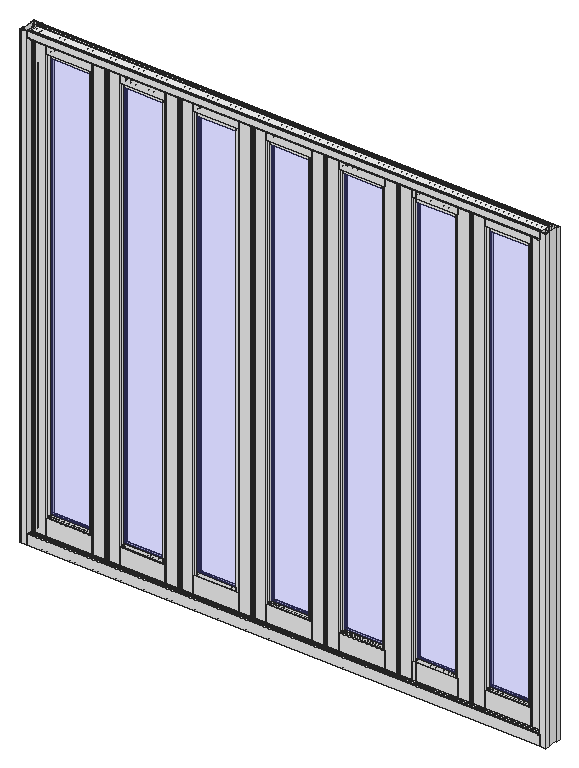
Revit family "Vistafold_Sliding_Folding_7_Custom", category Doors, host Wall, Revit 2014
Parameters (values of type "Vistafold_7_Custom")
  Windload Design = if(Custom Windload < 1001 mm, 1000 mm, if(Custom Windload < 1501 mm, 1500 mm, 1500 mm))  # 1000 mm
  Width Sash [instance] = 328.286 mm
  Width = if(Custom Door Width < Limit Door Width Min, Limit Door Width Min, if(Custom Door Width > Limit Door Width Max, Limit Door Width Max, Custom Door Width))  # 2390 mm
  Wall Thickness [instance] = 200 mm
  URL = "http://www.crealco.co.za/crealco-products.php"
  Model = "Vistafold"  # constant formula
  Manufacturer = "Crealco"  # constant formula
  Description = "Sliding folding door, 7 panel custom"  # constant formula
  Custom U Value [instance] = 0
  Custom SHGC Value [instance] = 0
  Thickness = 758 mm
  Thermal Resistance (R) [instance] = if(and(Custom U Value > 0.5678, 1 / Custom U Value < 36.9087), Custom U Value, if(not(Custom U Value > 0.5678), 1 / 0.5679, 1 / 36.9086)) * 1.0000 (m²·K)/W  # 1.76087 (m²·K)/W
  Solar Heat Gain Coefficient [instance] = if(and(not(Custom SHGC Value < 0), not(Custom SHGC Value > 1)), Custom SHGC Value, if(Custom U Value < 0, 0, 1))  # 0
  Single Glazing [instance] = not(Double Glazing)  # yes
  Sash Width = (Width - (2 * Sash Side Gap) - ((Number Of Sash Inserts - 1) * Sash Spacing Gap)) / Number Of Sash Inserts  # 328.286 mm
  Sash Spacing Gap = 4 mm  # constant formula
  Sash Height = Height - Sash Top Gap - Sash Bottom Gap  # 2023 mm
  Sash Top Gap = 34 mm  # constant formula
  Sash Side Gap = 34 mm  # constant formula
  Sash Frame Seal = 3.4 mm  # constant formula
  Sash Bottom Gap = 33 mm  # constant formula
  Rough Width = 2.5 mm
  Overall Width [instance] = 2390 mm
  Overall Height [instance] = 2090 mm
  Number Of Sash Inserts = 7  # constant formula
  Max System DG Unit Thickness = 25 mm  # constant formula
  Max System DG One Piece Thickness = rounddown((Max System DG Unit Thickness - DG Air Gap Thickness) / 2 mm) * 1 mm  # 6 mm
  Max Pane Area = (Sash Width - (2 * 38.7 mm)) * (Sash Height - (2 * 38.7 mm))  # 0.488123 m²
  Limit Door Width Min = (Limit Sash Width Min * Number Of Sash Inserts) + (2 * Sash Side Gap) + ((Number Of Sash Inserts - 1) * Sash Spacing Gap)  # 2192 mm
  Limit Door Width Max = (Limit Sash Width Max * Number Of Sash Inserts) + (2 * Sash Side Gap) + ((Number Of Sash Inserts - 1) * Sash Spacing Gap)  # 6392 mm
  Limit Door Height Min = Limit Sash Height Min + Sash Bottom Gap + Sash Top Gap  # 367 mm
  Limit Door Height Max = Limit Sash Height Max + Sash Bottom Gap + Sash Top Gap  # 2467 mm
  Limit Sash Width Min = 300 mm  # constant formula
  Limit Sash Width Max = if(Windload Design = 1000 mm, if(not(Height - Sash Top Gap - Sash Bottom Gap > 2100 mm), 900 mm, 600 mm), 600 mm)  # 900 mm
  Limit Sash Height Min = 300 mm  # constant formula
  Limit Sash Height Max = if(Windload Design = 1000 mm, 2400 mm, 2100 mm)  # 2400 mm
  IGDB or SAGDB Number = 0
  Height Sash [instance] = 2023 mm
  Height = if(Custom Door Height < Limit Door Height Min, Limit Door Height Min, if(Custom Door Height > Limit Door Height Max, Limit Door Height Max, Custom Door Height))  # 2090 mm
  Heat Transfer Coefficient (U) [instance] = if(and(Custom U Value > 0.5678, Custom U Value < 36.9087), Custom U Value, if(not(Custom U Value > 0.5678), 0.5679, 36.9086)) * 1.0000 W/(m²·K)  # 0.5679 W/(m²·K)
  Glazing Thickness DG [instance] = if(IGDB or SAGDB Number = 105003, 6 mm, if(IGDB or SAGDB Number = 105004, 7 mm, if(DG Thickness Calc > Max System DG One Piece Thickness, Max System DG One Piece Thickness, DG Thickness Calc)))  # 6 mm
  Glazing Thickness SG [instance] = if(IGDB or SAGDB Number = 1000016, 5 mm, if(IGDB or SAGDB Number = 100100, 6 mm, if(IGDB or SAGDB Number = 103200, 7 mm, if(not(Max Pane Area > 0.75 m²), 4 mm, if(not(Max Pane Area > 1.50 m²), 4 mm, if(not(Max Pane Area > 2.10 m²), 5 mm, if(not(Max Pane Area > 2.90 m²), 6.4 mm, if(not(Max Pane Area > 4.30 m²), 8 mm, 10 mm))))))))  # 4 mm
  Glazing Material [instance] = if(IGDB or SAGDB Number = 1000016, "PFG TOUGHENED SAFETY GLASS 5mm", if(IGDB or SAGDB Number = 100100, "PFG INTRUDERPRUFE 6.38mm", if(IGDB or SAGDB Number = 103200, "PFG INTRUDERPRUFE LOW-E 7.38mm", if(IGDB or SAGDB Number = 105003, "PFG 25mm INTRUDERPRUFE INSULATED GLASS", if(IGDB or SAGDB Number = 105004, "PFG 25mm INTRUDERPRUFE INSULATED GLASS LOW-E", "Unknown")))))  # "Unknown"
  Glazing Finish [instance] = Glass
  Glazing Code [instance] = if(IGDB or SAGDB Number = 1000016, "TSG5", if(IGDB or SAGDB Number = 100100, "LAM01", if(IGDB or SAGDB Number = 103200, "LAM01E", if(IGDB or SAGDB Number = 105003, "IGU25", if(IGDB or SAGDB Number = 105004, "IGU25E", "Unknown")))))  # "Unknown"
  Frame Thickness = 75 mm  # constant formula
  Frame Offset From Exterior [instance] = if(Centered In Wall, (Wall Thickness - Frame Thickness) / 2, Custom Frame Offset From Exterior)  # 62.5 mm
  Double Glazing Gasket Material = Double Glazing Gasket Material
  Double Glazing [instance] = no
  Default Sill Height = 0 mm  # constant formula
  Wall Closure = By host
  DG Thickness Calc = if(not(Max Pane Area > 1.125 m²), 6 mm, if(not(Max Pane Area > 2.25 m²), 6 mm, if(not(Max Pane Area > 3.15 m²), 6 mm, if(not(Max Pane Area > 4.35 m²), 6 mm, if(not(Max Pane Area > 6.45 m²), 8 mm, 10 mm)))))  # 6 mm
  DG Air Gap Thickness = 12 mm  # constant formula
  Custom Door Width = 2390 mm
  Custom Door Height = 2090 mm
  Custom Windload = 1000 mm
  Custom Frame Offset From Exterior = 0 mm
  Centered In Wall = yes
  Aluminium Finish [instance] = White Powder Coated Aluminium ANP 1052
  All Available Glazing Numbers = "The rows below list the available glazing materials for this window:"  # constant formula
  105004 [instance] = "IGU25E"  # constant formula
  105003 [instance] = "IGU25"  # constant formula
  103200 [instance] = "LAM01E"  # constant formula
  100100 [instance] = "LAM01"  # constant formula
  1000016 [instance] = "TSG5"  # constant formula
Reference planes
  plane 1 "Center (Front/Back)": y = 0
  plane 2 "Center (Left/Right)": x = 0
  plane 3 "Left": x = -1195
  plane 4 "Right": x = 1195
  plane 5 "Sill": z = 0
  plane 6 "Head": z = 2090
  plane 7 "Exterior": y = 100
  plane 8 "Interior": y = -100
Lines and regions (mm)
  Opening 1
    outline origin (3500, -100, 0) x (1, 0, 0) y (0, 0, 1)
      loop
        line (-2305, 0) -> (-2305, 2090) -> (-4695, 2090) -> (-4695, 0) -> (-2305, 0)
Text (mm)
  text "EXTERIOR" at (-1963.203, 1332.353, 0), in view "Ref. Level"
  text "INTERIOR" at (-1981.466, -818.386, 0), in view "Ref. Level"
  text "Exterior" at (0, 923.751, 2943.296), in view "Right"
  text "Exterior" at (0, 1040.484, 2685.409), in view "Left"
Dimensions and locks
  equal spacing: plane 3 "Left", plane 2 "Center (Left/Right)", plane 4 "Right"
  "Width": plane 3 "Left" to plane 4 "Right"
  "Height": plane 5 "Sill" to plane 6 "Head"
  "Default Sill Height": plane 5 "Sill" to level
  locked: plane 7 "Exterior" to host wall at 0
  locked: plane 8 "Interior" to host wall
  "Overall Height": plane 6 "Head" to plane 5 "Sill"
  "Overall Width": plane 3 "Left" to plane 4 "Right"
  "Frame Offset From Exterior": nested 1 to plane 7 "Exterior"
  "Sash Side Gap": plane 3 "Left" to nested 2
  "Sash Top Gap": nested 2 to plane 6 "Head"
  "Sash Top Gap": nested 3 to plane 6 "Head"
  "Sash Top Gap": nested 4 to plane 6 "Head"
  "Sash Spacing Gap": nested 2 to nested 3
  "Sash Spacing Gap": nested 3 to nested 4
  "Height Sash": nested 4 to nested 4
  "Width Sash": nested 4 to nested 4
  "Sash Top Gap": nested 8 to plane 6 "Head"
  "Sash Spacing Gap": nested 4 to nested 8
  "Sash Top Gap": nested 10 to plane 6 "Head"
  "Sash Spacing Gap": nested 8 to nested 10
  "Sash Top Gap": nested 12 to plane 6 "Head"
  "Sash Spacing Gap": nested 10 to nested 12
  "Sash Top Gap": nested 14 to plane 6 "Head"
  "Sash Spacing Gap": nested 12 to nested 14
  aligned and locked: nested 1 to plane 6 "Head"
  aligned and locked: nested 1 to plane 4 "Right"
  aligned and locked: nested 2 to nested 1
  aligned and locked: nested 3 to nested 1
  aligned and locked: nested 4 to nested 1
  aligned and locked: nested 1 to nested 8
  aligned and locked: nested 10 to nested 1
  aligned and locked: nested 12 to nested 1
  aligned and locked: nested 14 to nested 1
Automatic sketch dimensions
  plane 3 "Left" to Opening 1 sketch curve = 0 mm
  plane 4 "Right" to Opening 1 sketch curve = 0 mm
  Opening 1 sketch curve to plane 5 "Sill" = 0 mm
  Opening 1 sketch curve to plane 6 "Head" = 0 mm
Nested families
  nested 1: "Vistafold_Frame_7_Cust" at (1240, -59.088, -88.811) x (-1, 0, 0) z (0, 0, 1), Width <- "Width", Height <- "Height", Profile Material <- "Aluminium Finish", type "Vistafold_Frame_7_Cust"
    with Width 2390 mm, Profile Material White Powder Coated Aluminium ANP 1052, Length Jamb 2090 mm, Length Head & Sill 2330 mm, Height 2090 mm
  nested 2: "Vistafold_Sash_Insert_7_Cust" at (-832.714, -6.496, 33) x (-1, 0, 0) z (0, 0, 1), Profile Material <- "Aluminium Finish", Glazing Material <- "Glazing Finish", Double Glazing Gasket Material <- "Double Glazing Gasket Material", Sash Width <- "Sash Width", Sash Height <- "Sash Height", Glazing Thickness DG <- "Glazing Thickness DG", Glazing Thickness SG <- "Glazing Thickness SG", DG Gasket Thickness <- "DG Air Gap Thickness", Double Glazing <- "Double Glazing", type "Vistafold_Sash_Insert_7_Cust"
    with Single Glazing yes, Sash Width 328.286 mm, Sash Height 2023 mm, SG Exterior Offset 12.35 mm, Right Sliding Folding no, Right Hinged no, Profile Material White Powder Coated Aluminium ANP 1052, Length Jamb 2023 mm, Length Head and Sill 208.286 mm, Left Sliding Folding yes, Left Hinged no, Jamb Woodpile Right no, Jamb Woodpile Left no, Jamb Stile Right no, Jamb Stile Left yes, Jamb Astragal Right yes, Jamb Astragal Left no, Is Sliding yes, Glazing Width 198.286 mm, Glazing Thickness SG 4 mm, Glazing Thickness DG 6 mm, Glazing Material Glass, Glazing Height 1878 mm, Double Glazing Gasket Material Double Glazing Gasket Material, Double Glazing no, DG Gasket Thickness 12 mm, DG Exterior Offset 10.3 mm, Bead Width 208.286 mm, Bead Height 1888 mm
  nested 3: "Vistafold_Sash_Insert_7_Cust" at (-500.429, -6.496, 33) x (-1, 0, 0) z (0, 0, 1), Profile Material <- "Aluminium Finish", Glazing Material <- "Glazing Finish", Double Glazing Gasket Material <- "Double Glazing Gasket Material", Sash Width <- "Sash Width", Sash Height <- "Sash Height", Glazing Thickness DG <- "Glazing Thickness DG", Glazing Thickness SG <- "Glazing Thickness SG", DG Gasket Thickness <- "DG Air Gap Thickness", Double Glazing <- "Double Glazing", type "Vistafold_Sash_Insert_7_Cust"
    with Single Glazing yes, Sash Width 328.286 mm, Sash Height 2023 mm, SG Exterior Offset 12.35 mm, Right Sliding Folding no, Right Hinged no, Profile Material White Powder Coated Aluminium ANP 1052, Length Jamb 2023 mm, Length Head and Sill 208.286 mm, Left Sliding Folding yes, Left Hinged no, Jamb Woodpile Right yes, Jamb Woodpile Left no, Jamb Stile Right no, Jamb Stile Left yes, Jamb Astragal Right no, Jamb Astragal Left no, Is Sliding yes, Glazing Width 198.286 mm, Glazing Thickness SG 4 mm, Glazing Thickness DG 6 mm, Glazing Material Glass, Glazing Height 1878 mm, Double Glazing Gasket Material Double Glazing Gasket Material, Double Glazing no, DG Gasket Thickness 12 mm, DG Exterior Offset 10.3 mm, Bead Width 208.286 mm, Bead Height 1888 mm
  nested 4: "Vistafold_Sash_Insert_7_Cust" at (-168.143, -6.496, 33) x (-1, 0, 0) z (0, 0, 1), Profile Material <- "Aluminium Finish", Glazing Material <- "Glazing Finish", Double Glazing Gasket Material <- "Double Glazing Gasket Material", Sash Width <- "Sash Width", Sash Height <- "Sash Height", Glazing Thickness DG <- "Glazing Thickness DG", Glazing Thickness SG <- "Glazing Thickness SG", DG Gasket Thickness <- "DG Air Gap Thickness", Double Glazing <- "Double Glazing", type "Vistafold_Sash_Insert_7_Cust"
    with Single Glazing yes, Sash Width 328.286 mm, Sash Height 2023 mm, SG Exterior Offset 12.35 mm, Right Sliding Folding no, Right Hinged no, Profile Material White Powder Coated Aluminium ANP 1052, Length Jamb 2023 mm, Length Head and Sill 208.286 mm, Left Sliding Folding yes, Left Hinged no, Jamb Woodpile Right yes, Jamb Woodpile Left no, Jamb Stile Right no, Jamb Stile Left yes, Jamb Astragal Right no, Jamb Astragal Left no, Is Sliding yes, Glazing Width 198.286 mm, Glazing Thickness SG 4 mm, Glazing Thickness DG 6 mm, Glazing Material Glass, Glazing Height 1878 mm, Double Glazing Gasket Material Double Glazing Gasket Material, Double Glazing no, DG Gasket Thickness 12 mm, DG Exterior Offset 10.3 mm, Bead Width 208.286 mm, Bead Height 1888 mm
  nested 5: "Vistafold_Single_Glazing_Sliding_Folding_7_Cust" at (-1096, 5.854, 123) x (-1, 0, 0) z (0, 0, 1), type "Vistafold_Single_Glazing_Sliding_Folding_7_Cust"
    with Right Sliding Folding no, Right Hinged no, Length Arrow Tip 9.867 mm, Length Arrow Down 16.281 mm, Length Arrow 32.562 mm, Left Sliding Folding yes, Left Hinged no, Is Sliding Folding yes, Half Height 939 mm, Glazing Width 198.286 mm, Glazing Thickness SG 4 mm, Glazing Material Glass, Glazing Height 1878 mm, Double Glazing Gasket Material Double Glazing Gasket Material, Arrow Tip Length 9.867 mm, Arrow Left Gap 82.862 mm, Arrow Bottom Gap 947.14 mm
  nested 6: "Vistafold_Single_Glazing_Sliding_Folding_7_Cust" at (-763.714, 5.854, 123) x (-1, 0, 0) z (0, 0, 1), type "Vistafold_Single_Glazing_Sliding_Folding_7_Cust"
    with Right Sliding Folding no, Right Hinged no, Length Arrow Tip 9.867 mm, Length Arrow Down 16.281 mm, Length Arrow 32.562 mm, Left Sliding Folding yes, Left Hinged no, Is Sliding Folding yes, Half Height 939 mm, Glazing Width 198.286 mm, Glazing Thickness SG 4 mm, Glazing Material Glass, Glazing Height 1878 mm, Double Glazing Gasket Material Double Glazing Gasket Material, Arrow Tip Length 9.867 mm, Arrow Left Gap 82.862 mm, Arrow Bottom Gap 947.14 mm
  nested 7: "Vistafold_Single_Glazing_Sliding_Folding_7_Cust" at (-431.429, 5.854, 123) x (-1, 0, 0) z (0, 0, 1), type "Vistafold_Single_Glazing_Sliding_Folding_7_Cust"
    with Right Sliding Folding no, Right Hinged no, Length Arrow Tip 9.867 mm, Length Arrow Down 16.281 mm, Length Arrow 32.562 mm, Left Sliding Folding yes, Left Hinged no, Is Sliding Folding yes, Half Height 939 mm, Glazing Width 198.286 mm, Glazing Thickness SG 4 mm, Glazing Material Glass, Glazing Height 1878 mm, Double Glazing Gasket Material Double Glazing Gasket Material, Arrow Tip Length 9.867 mm, Arrow Left Gap 82.862 mm, Arrow Bottom Gap 947.14 mm
  nested 8: "Vistafold_Sash_Insert_7_Cust" at (164.143, -6.5, 33) x (-1, 0, 0) z (0, 0, 1), Profile Material <- "Aluminium Finish", Glazing Material <- "Glazing Finish", Double Glazing Gasket Material <- "Double Glazing Gasket Material", Sash Width <- "Sash Width", Sash Height <- "Sash Height", Glazing Thickness DG <- "Glazing Thickness DG", Glazing Thickness SG <- "Glazing Thickness SG", DG Gasket Thickness <- "DG Air Gap Thickness", Double Glazing <- "Double Glazing", type "Vistafold_Sash_Insert_7_Cust"
    with Single Glazing yes, Sash Width 328.286 mm, Sash Height 2023 mm, SG Exterior Offset 12.35 mm, Right Sliding Folding no, Right Hinged no, Profile Material White Powder Coated Aluminium ANP 1052, Length Jamb 2023 mm, Length Head and Sill 208.286 mm, Left Sliding Folding yes, Left Hinged no, Jamb Woodpile Right yes, Jamb Woodpile Left no, Jamb Stile Right no, Jamb Stile Left yes, Jamb Astragal Right no, Jamb Astragal Left no, Is Sliding yes, Glazing Width 198.286 mm, Glazing Thickness SG 4 mm, Glazing Thickness DG 6 mm, Glazing Material Glass, Glazing Height 1878 mm, Double Glazing Gasket Material Double Glazing Gasket Material, Double Glazing no, DG Gasket Thickness 12 mm, DG Exterior Offset 10.3 mm, Bead Width 208.286 mm, Bead Height 1888 mm
  nested 9: "Vistafold_Single_Glazing_Sliding_Folding_7_Cust" at (-99.143, 5.85, 123) x (-1, 0, 0) z (0, 0, 1), type "Vistafold_Single_Glazing_Sliding_Folding_7_Cust"
    with Right Sliding Folding no, Right Hinged no, Length Arrow Tip 9.867 mm, Length Arrow Down 16.281 mm, Length Arrow 32.562 mm, Left Sliding Folding yes, Left Hinged no, Is Sliding Folding yes, Half Height 939 mm, Glazing Width 198.286 mm, Glazing Thickness SG 4 mm, Glazing Material Glass, Glazing Height 1878 mm, Double Glazing Gasket Material Double Glazing Gasket Material, Arrow Tip Length 9.867 mm, Arrow Left Gap 82.862 mm, Arrow Bottom Gap 947.14 mm
  nested 10: "Vistafold_Sash_Insert_7_Cust" at (496.429, -6.496, 33) x (-1, 0, 0) z (0, 0, 1), Profile Material <- "Aluminium Finish", Glazing Material <- "Glazing Finish", Double Glazing Gasket Material <- "Double Glazing Gasket Material", Sash Width <- "Sash Width", Sash Height <- "Sash Height", Glazing Thickness DG <- "Glazing Thickness DG", Glazing Thickness SG <- "Glazing Thickness SG", DG Gasket Thickness <- "DG Air Gap Thickness", Double Glazing <- "Double Glazing", type "Vistafold_Sash_Insert_7_Cust"
    with Single Glazing yes, Sash Width 328.286 mm, Sash Height 2023 mm, SG Exterior Offset 12.35 mm, Right Sliding Folding no, Right Hinged no, Profile Material White Powder Coated Aluminium ANP 1052, Length Jamb 2023 mm, Length Head and Sill 208.286 mm, Left Sliding Folding yes, Left Hinged no, Jamb Woodpile Right yes, Jamb Woodpile Left no, Jamb Stile Right no, Jamb Stile Left yes, Jamb Astragal Right no, Jamb Astragal Left no, Is Sliding yes, Glazing Width 198.286 mm, Glazing Thickness SG 4 mm, Glazing Thickness DG 6 mm, Glazing Material Glass, Glazing Height 1878 mm, Double Glazing Gasket Material Double Glazing Gasket Material, Double Glazing no, DG Gasket Thickness 12 mm, DG Exterior Offset 10.3 mm, Bead Width 208.286 mm, Bead Height 1888 mm
  nested 11: "Vistafold_Single_Glazing_Sliding_Folding_7_Cust" at (233.143, 5.854, 123) x (-1, 0, 0) z (0, 0, 1), type "Vistafold_Single_Glazing_Sliding_Folding_7_Cust"
    with Right Sliding Folding no, Right Hinged no, Length Arrow Tip 9.867 mm, Length Arrow Down 16.281 mm, Length Arrow 32.562 mm, Left Sliding Folding yes, Left Hinged no, Is Sliding Folding yes, Half Height 939 mm, Glazing Width 198.286 mm, Glazing Thickness SG 4 mm, Glazing Material Glass, Glazing Height 1878 mm, Double Glazing Gasket Material Double Glazing Gasket Material, Arrow Tip Length 9.867 mm, Arrow Left Gap 82.862 mm, Arrow Bottom Gap 947.14 mm
  nested 12: "Vistafold_Sash_Insert_7_Cust" at (828.714, -6.496, 33) x (-1, 0, 0) z (0, 0, 1), Profile Material <- "Aluminium Finish", Glazing Material <- "Glazing Finish", Double Glazing Gasket Material <- "Double Glazing Gasket Material", Sash Width <- "Sash Width", Sash Height <- "Sash Height", Glazing Thickness DG <- "Glazing Thickness DG", Glazing Thickness SG <- "Glazing Thickness SG", DG Gasket Thickness <- "DG Air Gap Thickness", Double Glazing <- "Double Glazing", type "Vistafold_Sash_Insert_7_Cust"
    with Single Glazing yes, Sash Width 328.286 mm, Sash Height 2023 mm, SG Exterior Offset 12.35 mm, Right Sliding Folding no, Right Hinged no, Profile Material White Powder Coated Aluminium ANP 1052, Length Jamb 2023 mm, Length Head and Sill 208.286 mm, Left Sliding Folding yes, Left Hinged no, Jamb Woodpile Right yes, Jamb Woodpile Left no, Jamb Stile Right no, Jamb Stile Left yes, Jamb Astragal Right no, Jamb Astragal Left no, Is Sliding yes, Glazing Width 198.286 mm, Glazing Thickness SG 4 mm, Glazing Thickness DG 6 mm, Glazing Material Glass, Glazing Height 1878 mm, Double Glazing Gasket Material Double Glazing Gasket Material, Double Glazing no, DG Gasket Thickness 12 mm, DG Exterior Offset 10.3 mm, Bead Width 208.286 mm, Bead Height 1888 mm
  nested 13: "Vistafold_Single_Glazing_Sliding_Folding_7_Cust" at (565.429, 5.854, 123) x (-1, 0, 0) z (0, 0, 1), type "Vistafold_Single_Glazing_Sliding_Folding_7_Cust"
    with Right Sliding Folding no, Right Hinged no, Length Arrow Tip 9.867 mm, Length Arrow Down 16.281 mm, Length Arrow 32.562 mm, Left Sliding Folding yes, Left Hinged no, Is Sliding Folding yes, Half Height 939 mm, Glazing Width 198.286 mm, Glazing Thickness SG 4 mm, Glazing Material Glass, Glazing Height 1878 mm, Double Glazing Gasket Material Double Glazing Gasket Material, Arrow Tip Length 9.867 mm, Arrow Left Gap 82.862 mm, Arrow Bottom Gap 947.14 mm
  nested 14: "Vistafold_Sash_Insert_7_Cust" at (1161, -6.496, 33) x (-1, 0, 0) z (0, 0, 1), Profile Material <- "Aluminium Finish", Glazing Material <- "Glazing Finish", Double Glazing Gasket Material <- "Double Glazing Gasket Material", Sash Width <- "Sash Width", Sash Height <- "Sash Height", Glazing Thickness DG <- "Glazing Thickness DG", Glazing Thickness SG <- "Glazing Thickness SG", DG Gasket Thickness <- "DG Air Gap Thickness", Double Glazing <- "Double Glazing", type "Vistafold_Sash_Insert_7_Cust"
    with Single Glazing yes, Sash Width 328.286 mm, Sash Height 2023 mm, SG Exterior Offset 12.35 mm, Right Sliding Folding no, Right Hinged no, Profile Material White Powder Coated Aluminium ANP 1052, Length Jamb 2023 mm, Length Head and Sill 208.286 mm, Left Sliding Folding yes, Left Hinged no, Jamb Woodpile Right yes, Jamb Woodpile Left no, Jamb Stile Right no, Jamb Stile Left yes, Jamb Astragal Right no, Jamb Astragal Left no, Is Sliding yes, Glazing Width 198.286 mm, Glazing Thickness SG 4 mm, Glazing Thickness DG 6 mm, Glazing Material Glass, Glazing Height 1878 mm, Double Glazing Gasket Material Double Glazing Gasket Material, Double Glazing no, DG Gasket Thickness 12 mm, DG Exterior Offset 10.3 mm, Bead Width 208.286 mm, Bead Height 1888 mm
  nested 15: "Vistafold_Single_Glazing_Sliding_Folding_7_Cust" at (897.714, 5.854, 123) x (-1, 0, 0) z (0, 0, 1), type "Vistafold_Single_Glazing_Sliding_Folding_7_Cust"
    with Right Sliding Folding no, Right Hinged no, Length Arrow Tip 9.867 mm, Length Arrow Down 16.281 mm, Length Arrow 32.562 mm, Left Sliding Folding yes, Left Hinged no, Is Sliding Folding yes, Half Height 939 mm, Glazing Width 198.286 mm, Glazing Thickness SG 4 mm, Glazing Material Glass, Glazing Height 1878 mm, Double Glazing Gasket Material Double Glazing Gasket Material, Arrow Tip Length 9.867 mm, Arrow Left Gap 82.862 mm, Arrow Bottom Gap 947.14 mm
Definition of nested family "Vistafold_Frame_7_Cust"
  Parameters (values of type "Vistafold_Frame")
    Width [instance] = 900 mm
    Profile Material [instance] = none
    Length Jamb [instance] = Height  # 600 mm
    Length Head & Sill [instance] = Width - (2 * Jamb Thickness)  # 840 mm
    Jamb Thickness = 30 mm  # constant formula
    Height [instance] = 600 mm
  Reference planes
    plane 1 "Center (Front/Back)": y = 0
    plane 2: z = 0
    plane 3 "Center (Left/Right)": x = 0
  Dimensions and locks
    aligned and locked: level to plane 2
    aligned and locked: nested 1 to nested 2
    aligned and locked: nested 2 to nested 1  (x2)
    aligned and locked: nested 1 to nested 4
    aligned and locked: nested 4 to nested 1  (x2)
    aligned and locked: nested 1 to nested 3
    aligned and locked: nested 3 to nested 2  (x2)
  Nested families
    nested 1: "Vistafold_Frame_Sill" at (75, -135.045, 65.947), Profile Material <- "Profile Material", Length Sill <- "Length Head & Sill", type "Vistafold_Frame_Sill"
      with Profile Material none, Length Sill 840 mm, Floortrack Start -840 mm
    nested 2: "Vistafold_Frame_Jamb" at (39.622, -105, 88.811), Profile Material <- "Profile Material", Length Jamb <- "Length Jamb", type "Vistafold_Frame_Jamb"
      with Profile Material none, Length Jamb 600 mm
    nested 3: "Vistafold_Frame_Head" at (75, -121.445, 230.545), Profile Material <- "Profile Material", Length Head <- "Length Head & Sill", type "Vistafold_Frame_Head"
      with Profile Material none, Length Head 840 mm
    nested 4: "Vistafold_Frame_Jamb" at (950.378, -105, 88.811) x (-1, 0, 0) z (0, 0, 1), Profile Material <- "Profile Material", Length Jamb <- "Length Jamb", type "Vistafold_Frame_Jamb"
      with Profile Material none, Length Jamb 600 mm
  Definition of nested family "Vistafold_Frame_Sill"
    Parameters (values of type "Vistafold_Frame_Sill")
      Profile Material [instance] = none
      Length Sill [instance] = 250 mm
      Floortrack Start [instance] = -Length Sill  # -250 mm
    Reference planes
      plane 1 "Center (Front/Back)": y = 0
      plane 2: z = 0
      plane 3 "Center (Left/Right)": x = 0
    Forms (mm)
      Extrusion 1, solid, material <- "Profile Material"
        sketch origin (0, 0, 0) x (0, 1, 0) y (0, 0, 1)
          loop
            line (75.282, 44.856) -> (66.006, 43.368) -> (66.006, 40.864) -> (39.406, 40.864) -> (39.406, 43.364) -> (38.456, 43.364) -> (38.456, 22.864) -> (40.456, 22.864) -> (40.456, 24.864) -> (62.456, 24.864) -> (62.456, 22.864) -> (64.456, 22.864) -> (64.456, 24.864) -> (86.456, 24.864) -> (86.456, 22.864) -> (88.456, 22.864) -> (88.456, 24.864) -> (111.456, 24.864) -> (111.456, 22.864) -> (113.456, 22.864) -> (113.456, 67.364)
            arc (113.456, 67.364) -> (113.31, 67.718) -> (112.956, 67.864) r 0.5
            line (112.956, 67.864) -> (108.156, 67.864) -> (107.449, 67.364) -> (102.48, 67.364) -> (101.773, 67.864) -> (98.156, 67.864) -> (97.449, 67.364) -> (92.48, 67.364) -> (91.773, 67.864) -> (86.956, 67.864)
            arc (86.956, 67.864) -> (86.603, 67.718) -> (86.456, 67.364) r 0.5
            line (86.456, 67.364) -> (86.456, 64.614) -> (87.456, 64.614) -> (87.456, 66.214) -> (89.056, 66.214) -> (89.056, 58.514) -> (87.456, 58.514) -> (87.456, 60.114) -> (86.456, 60.114) -> (86.456, 34.764)
            arc (86.456, 34.764) -> (86.017, 33.703) -> (84.956, 33.264) r 1.5
            line (84.956, 33.264) -> (78.956, 33.264)
            arc (78.956, 33.264) -> (77.896, 33.703) -> (77.456, 34.764) r 1.5
            line (77.456, 34.764) -> (77.456, 42.864)
            arc (77.456, 42.864) -> (76.808, 44.339) -> (75.282, 44.856) r 2
          loop
            line (75.456, 34.764) -> (75.456, 42.921) -> (68.006, 41.493) -> (68.006, 38.864) -> (40.456, 38.864) -> (40.456, 27.064) -> (86.456, 27.064) -> (86.456, 31.264) -> (78.956, 31.264)
            arc (78.956, 31.264) -> (76.482, 32.289) -> (75.456, 34.764) r 3.5
          loop
            line (111.456, 27.064) -> (111.456, 65.864) -> (91.056, 65.864) -> (91.056, 56.864) -> (88.456, 56.864) -> (88.456, 27.064) -> (111.456, 27.064)
        from 0 to 250 <- "Length Sill"
      Extrusion 2, solid
        sketch origin (250, 0, 0) x (0, 1, 0) y (0, 0, 1)
          loop
            line (50.256, 48.118) -> (50.256, 43.364) -> (40.006, 43.364) -> (40.006, 40.864) -> (66.006, 40.864) -> (66.006, 43.364) -> (55.756, 43.364) -> (55.756, 48.118)
            arc (55.756, 48.118) -> (53.006, 50.868) -> (50.256, 48.118) r 2.75
        from -250 <- "Floortrack Start" to 0
    Dimensions and locks
      aligned and locked: level to plane 2
  Definition of nested family "Vistafold_Frame_Jamb"
    Parameters (values of type "Vistafold_Frame_Jamb")
      Profile Material [instance] = none
      Length Jamb [instance] = 250 mm
      Cut Height = 45 mm  # constant formula
    Reference planes
      plane 1 "Center (Front/Back)": y = 0
      plane 2: z = 0
      plane 3 "Center (Left/Right)": x = 0
    Forms (mm)
      Extrusion 1, solid, material <- "Profile Material"
        sketch origin (0, 0, 0) x (1, 0, 0) y (0, 1, 0)
          loop
            line (49.878, 60.812) -> (35.378, 60.812) -> (35.378, 83.412) -> (5.378, 83.412) -> (5.378, 67.912) -> (6.878, 67.912) -> (6.878, 70.412) -> (9.878, 70.412) -> (9.878, 21.412) -> (6.878, 21.412) -> (6.878, 23.912) -> (5.378, 23.912) -> (5.378, 8.412) -> (35.378, 8.412) -> (35.378, 11.512) -> (34.378, 11.512) -> (34.378, 10.012) -> (32.878, 10.012) -> (32.878, 17.612) -> (34.378, 17.612) -> (34.378, 16.112) -> (35.378, 16.112) -> (35.378, 30.312) -> (35.378, 44.712) -> (34.378, 44.712) -> (34.378, 43.212) -> (32.878, 43.212) -> (32.878, 50.812) -> (34.378, 50.812) -> (34.378, 49.312) -> (35.378, 49.312) -> (35.378, 59.012) -> (39.378, 59.012) -> (39.378, 56.912)
            arc (39.378, 56.912) -> (39.524, 56.558) -> (39.878, 56.412) r 0.5
            line (39.878, 56.412) -> (42.628, 56.412) -> (42.628, 57.412) -> (41.028, 57.412) -> (41.028, 59.012) -> (48.728, 59.012) -> (48.728, 57.412) -> (47.128, 57.412) -> (47.128, 56.412) -> (49.878, 56.412)
            arc (49.878, 56.412) -> (50.231, 56.558) -> (50.378, 56.912) r 0.5
            line (50.378, 56.912) -> (50.378, 60.312)
            arc (50.378, 60.312) -> (50.231, 60.665) -> (49.878, 60.812) r 0.5
          loop
            line (32.078, 52.412) -> (33.578, 52.412) -> (33.578, 81.412) -> (7.378, 81.412) -> (7.378, 72.212) -> (10.278, 72.212)
            arc (10.278, 72.212) -> (11.268, 71.802) -> (11.678, 70.812) r 1.4
            line (11.678, 70.812) -> (11.678, 21.012)
            arc (11.678, 21.012) -> (11.268, 20.022) -> (10.278, 19.612) r 1.4
            line (10.278, 19.612) -> (7.378, 19.612) -> (7.378, 10.412) -> (31.078, 10.412) -> (31.078, 18.212)
            arc (31.078, 18.212) -> (31.371, 18.919) -> (32.078, 19.212) r 1
            line (32.078, 19.212) -> (33.378, 19.212) -> (33.378, 30.312) -> (33.378, 41.612) -> (32.078, 41.612)
            arc (32.078, 41.612) -> (31.371, 41.904) -> (31.078, 42.612) r 1
            line (31.078, 42.612) -> (31.078, 51.412)
            arc (31.078, 51.412) -> (31.371, 52.119) -> (32.078, 52.412) r 1
        from 0 to 250 <- "Length Jamb"
      Extrusion 2, void
        sketch origin (35.378, 83.112, 0) x (0, 1, 0) y (0, 0, -1)
          loop
            line (-22.3, -250) -> (-22.3, -205) -> (-26.7, -205) -> (-26.7, -250) -> (-22.3, -250)
          loop
            line (-22.3, 0) -> (-26.7, 0) -> (-26.7, -45) -> (-22.3, -45) -> (-22.3, 0)
        from -50 to 0
    Cuts and joins
      Extrusion 2 cuts Extrusion 1
    Dimensions and locks
      "Cut Height": Extrusion 1 to Extrusion 2 sketch curve  (x2)
      aligned and locked: level to plane 2
      aligned and locked: Extrusion 1 to Extrusion 2 sketch curve  (x2)
      aligned and locked: Extrusion 2 sketch curve to Extrusion 1  (x4)
    Automatic sketch dimensions
      plane 3 "Center (Left/Right)" to Extrusion 1 sketch curve = 5.378 mm  (x2)
      Extrusion 1 sketch curve to Extrusion 1 sketch curve = 1.5 mm  (x10)
      Extrusion 1 sketch curve to Extrusion 1 sketch curve = 2 mm  (x2)
      Extrusion 1 sketch curve to Extrusion 1 sketch curve = 0.5 mm  (x4)
      Extrusion 1 sketch curve to Extrusion 1 sketch curve = 3 mm
      Extrusion 1 sketch curve to Extrusion 1 sketch curve = 0.4 mm  (x5)
      Extrusion 1 sketch curve to Extrusion 1 sketch curve = 1.4 mm
      Extrusion 1 sketch curve to Extrusion 1 sketch curve = 19.4 mm  (x2)
      Extrusion 1 sketch curve to plane 1 "Center (Front/Back)" = 10.412 mm
      Extrusion 1 sketch curve to Extrusion 1 sketch curve = 1 mm  (x7)
      Extrusion 1 sketch curve to Extrusion 1 sketch curve = 1.8 mm  (x2)
      Extrusion 1 sketch curve to Extrusion 1 sketch curve = 0.8 mm
      Extrusion 1 sketch curve to Extrusion 1 sketch curve = 1.3 mm  (x2)
      Extrusion 1 sketch curve to Extrusion 1 sketch curve = 21.9 mm
      Extrusion 1 sketch curve to Extrusion 1 sketch curve = 4 mm
      Extrusion 1 sketch curve to Extrusion 1 sketch curve = 1.65 mm
      Extrusion 1 sketch curve to Extrusion 1 sketch curve = 1.6 mm  (x5)
      Extrusion 1 sketch curve to Extrusion 1 sketch curve = 4.5 mm
      Extrusion 1 sketch curve to Extrusion 1 sketch curve = 1.15 mm  (x2)
      Extrusion 1 sketch curve to Extrusion 1 sketch curve = 4.6 mm  (x2)
      Extrusion 1 sketch curve to Extrusion 1 sketch curve = 0.6 mm  (x2)
      Extrusion 1 sketch curve to Extrusion 1 sketch curve = 9.2 mm  (x2)
      Extrusion 1 sketch curve to Extrusion 1 sketch curve = 2.5 mm  (x2)
      Extrusion 1 sketch curve to Extrusion 1 sketch curve = 11.1 mm
      Extrusion 1 sketch curve to Extrusion 1 sketch curve = 0 mm  (x2)
      Extrusion 1 sketch curve to Extrusion 1 sketch curve = 11.3 mm
      Extrusion 1 sketch curve to Extrusion 1 sketch curve = 7.1 mm
      Extrusion 1 sketch curve to Extrusion 1 sketch curve = 2.1 mm
      Extrusion 1 sketch curve to Extrusion 1 sketch curve = 16.5 mm
  Definition of nested family "Vistafold_Frame_Head"
    Parameters (values of type "Vistafold_Frame_Head")
      Profile Material [instance] = none
      Length Head [instance] = 250 mm
    Reference planes
      plane 1 "Center (Front/Back)": y = 0
      plane 2: z = 0
      plane 3 "Center (Left/Right)": x = 0
    Forms (mm)
      Extrusion 1, solid, material <- "Profile Material"
        sketch origin (0, 0, 0) x (0, 1, 0) y (0, 0, 1)
          loop
            arc (36.956, 458.266) -> (36.249, 457.973) -> (35.956, 457.266) r 1
            line (35.956, 457.266) -> (35.956, 445.766)
            arc (35.956, 445.766) -> (35.81, 445.412) -> (35.456, 445.266) r 0.5
            line (35.456, 445.266) -> (27.356, 445.266)
            arc (27.356, 445.266) -> (27.003, 445.412) -> (26.856, 445.766) r 0.5
            line (26.856, 445.766) -> (26.856, 455.766)
            arc (26.856, 455.766) -> (27.003, 456.119) -> (27.356, 456.266) r 0.5
            line (27.356, 456.266) -> (28.856, 456.266) -> (28.856, 458.266) -> (25.856, 458.266)
            arc (25.856, 458.266) -> (25.149, 457.973) -> (24.856, 457.266) r 1
            line (24.856, 457.266) -> (24.856, 429.266)
            arc (24.856, 429.266) -> (25.149, 428.558) -> (25.856, 428.266) r 1
            line (25.856, 428.266) -> (28.106, 428.266) -> (28.106, 429.266) -> (26.506, 429.266) -> (26.506, 430.866) -> (34.206, 430.866) -> (34.206, 429.266) -> (32.606, 429.266) -> (32.606, 428.266) -> (36.456, 428.266)
            arc (36.456, 428.266) -> (37.871, 428.851) -> (38.456, 430.266) r 2
            line (38.456, 430.266) -> (38.456, 451.466)
            arc (38.456, 451.466) -> (38.603, 451.819) -> (38.956, 451.966) r 0.5
            line (38.956, 451.966) -> (55.506, 451.966) -> (55.506, 430.266)
            arc (55.506, 430.266) -> (56.092, 428.851) -> (57.506, 428.266) r 2
            line (57.506, 428.266) -> (75.456, 428.266) -> (75.456, 424.266) -> (73.356, 424.266)
            arc (73.356, 424.266) -> (73.003, 424.119) -> (72.856, 423.766) r 0.5
            line (72.856, 423.766) -> (72.856, 421.016) -> (73.856, 421.016) -> (73.856, 422.616) -> (75.456, 422.616) -> (75.456, 414.916) -> (73.856, 414.916) -> (73.856, 416.516) -> (72.856, 416.516) -> (72.856, 413.766)
            arc (72.856, 413.766) -> (73.003, 413.412) -> (73.356, 413.266) r 0.5
            line (73.356, 413.266) -> (76.756, 413.266)
            arc (76.756, 413.266) -> (77.11, 413.412) -> (77.256, 413.766) r 0.5
            line (77.256, 413.766) -> (77.256, 428.266) -> (98.856, 428.266)
            arc (98.856, 428.266) -> (99.564, 428.558) -> (99.856, 429.266) r 1
            line (99.856, 429.266) -> (99.856, 458.266) -> (84.356, 458.266) -> (84.356, 456.766) -> (86.856, 456.766) -> (86.856, 453.766) -> (37.856, 453.766) -> (37.856, 456.766) -> (40.356, 456.766) -> (40.356, 458.266) -> (36.956, 458.266)
          loop
            arc (88.656, 453.366) -> (88.246, 452.376) -> (87.256, 451.966) r 1.4
            line (87.256, 451.966) -> (57.506, 451.966) -> (57.506, 430.766)
            arc (57.506, 430.766) -> (57.653, 430.412) -> (58.006, 430.266) r 0.5
            line (58.006, 430.266) -> (97.856, 430.266) -> (97.856, 456.266) -> (88.656, 456.266) -> (88.656, 453.366)
          loop
            line (26.856, 442.766) -> (26.856, 432.466) -> (35.956, 432.466) -> (35.956, 442.766)
            arc (35.956, 442.766) -> (35.81, 443.119) -> (35.456, 443.266) r 0.5
            line (35.456, 443.266) -> (27.356, 443.266)
            arc (27.356, 443.266) -> (27.003, 443.119) -> (26.856, 442.766) r 0.5
        from 0 to 250 <- "Length Head"
    Dimensions and locks
      aligned and locked: level to plane 2
Definition of nested family "Vistafold_Sash_Insert_7_Cust"
  Parameters (values of type "Vistafold_Sash_Insert")
    Sill Height = 85 mm  # constant formula
    Jamb Width = 60 mm  # constant formula
    Single Glazing [instance] = not(Double Glazing)  # yes
    Head Height = 50 mm  # constant formula
    SG Exterior Offset [instance] = Back Glazing Pillar Gap + ((SG Available Space - Glazing Thickness SG) / 2)  # 12.35 mm
    SG Available Space = 13.3 mm  # constant formula
    Sash Width [instance] = 900 mm
    Sash Height [instance] = 1200 mm
    Right Sliding Folding [instance] = yes
    Right Hinged [instance] = yes
    Profile Material [instance] = White Powder Coated Aluminium ANP 1052
    Length Jamb [instance] = Sash Height  # 1200 mm
    Length Head and Sill [instance] = Sash Width - (2 * Jamb Width)  # 780 mm
    Left Sliding Folding [instance] = yes
    Left Hinged [instance] = yes
    Is Sliding [instance] = if(or(Right Sliding Folding, Left Sliding Folding), 1 = 1, 1 = 2)  # yes
    Is Hinged = yes
    Glazing Width [instance] = Sash Width - (Glazing Side Gap * 2)  # 770 mm
    Glazing Thickness DG [instance] = 3 mm
    Glazing Thickness SG [instance] = 4 mm
    Glazing Material [instance] = Glass
    Glazing Side Gap = Jamb Width + 5 mm  # 65 mm
    Glazing Height [instance] = Sash Height - Sill Height - Head Height - 10 mm  # 1055 mm
    Glazing Bottom Gap = Sill Height + 5 mm  # 90 mm
    DG Gasket Thickness [instance] = 12 mm
    Double Glazing Gasket Material [instance] = none
    Double Glazing [instance] = no
    DG Exterior Offset [instance] = Back Glazing Pillar Gap + ((DG Available Space - ((Glazing Thickness DG * 2) + DG Gasket Thickness)) / 2)  # 13.3 mm
    DG Available Space = 29.2 mm  # constant formula
    Bead Width [instance] = Sash Width - (2 * Jamb Width)  # 780 mm
    Bead Height [instance] = Sash Height - Sill Height - Head Height  # 1065 mm
    Bead Gap From Exterior = 34 mm  # constant formula
    Back Glazing Pillar Gap = 7.7 mm  # constant formula
    Jamb Stile Left [instance] = no
    Jamb Stile Right [instance] = no
    Jamb Woodpile Left [instance] = no
    Jamb Woodpile Right [instance] = no
    Jamb Astragal Left [instance] = no
    Jamb Astragal Right [instance] = no
  Reference planes
    plane 1 "Center (Front/Back)": y = 0
    plane 2: z = 0
    plane 3 "Center (Left/Right)": x = 0
  Dimensions and locks
    "Glazing Side Gap": plane 3 "Center (Left/Right)" to nested 1
    "SG Exterior Offset": nested 1 to plane 1 "Center (Front/Back)"
    "Glazing Bottom Gap": nested 1 to level
    "Glazing Side Gap": plane 3 "Center (Left/Right)" to nested 2
    "DG Exterior Offset": nested 2 to plane 1 "Center (Front/Back)"
    "Glazing Bottom Gap": nested 2 to level
    "Sash Width": plane 3 "Center (Left/Right)" to nested 4
    "Sash Width": plane 3 "Center (Left/Right)" to nested 5
    "Sash Width": plane 3 "Center (Left/Right)" to nested 6
    "Jamb Width": plane 3 "Center (Left/Right)" to nested 10
    "Jamb Width": plane 3 "Center (Left/Right)" to nested 9
    "Sash Height": nested 9 to level
    "Jamb Width": plane 3 "Center (Left/Right)" to nested 11
    "Bead Gap From Exterior": nested 11 to plane 1 "Center (Front/Back)"
    "Sill Height": nested 11 to level
    "Jamb Width": plane 3 "Center (Left/Right)" to nested 12
    "Bead Gap From Exterior": nested 12 to plane 1 "Center (Front/Back)"
    "Sill Height": nested 12 to level
    aligned and locked: level to plane 2
    aligned and locked: plane 1 "Center (Front/Back)" to nested 3
    aligned and locked: plane 3 "Center (Left/Right)" to nested 3
    aligned and locked: plane 1 "Center (Front/Back)" to nested 4
    aligned and locked: level to nested 3
    aligned and locked: level to nested 4
    aligned and locked: level to nested 5
    aligned and locked: plane 1 "Center (Front/Back)" to nested 5
    aligned and locked: nested 6 to level
    aligned and locked: nested 7 to level
    aligned and locked: nested 8 to level
    aligned and locked: nested 8 to plane 1 "Center (Front/Back)"
    aligned and locked: nested 7 to plane 1 "Center (Front/Back)"
    aligned and locked: nested 6 to plane 1 "Center (Front/Back)"
    aligned and locked: nested 7 to plane 3 "Center (Left/Right)"
    aligned and locked: nested 8 to plane 3 "Center (Left/Right)"
    aligned and locked: nested 10 to plane 1 "Center (Front/Back)"
    aligned and locked: nested 9 to plane 1 "Center (Front/Back)"
    aligned and locked: nested 10 to level
  Nested families
    nested 1: "Vistafold_Single_Glazing_Sliding_Folding_7_Cust" at (835, -12.35, 90), Glazing Material <- "Glazing Material", Double Glazing Gasket Material <- "Double Glazing Gasket Material", visible <- "Single Glazing", Glazing Width <- "Glazing Width", Glazing Height <- "Glazing Height", Glazing Thickness SG <- "Glazing Thickness SG", Right Sliding Folding <- "Right Sliding Folding", Right Hinged <- "Right Hinged", Left Sliding Folding <- "Left Sliding Folding", Left Hinged <- "Left Hinged", type "Vistafold_Single_Glazing_Sliding_Folding_7_Cust"
      with Right Sliding Folding yes, Right Hinged yes, Length Arrow Tip 67.616 mm, Length Arrow Down 111.567 mm, Length Arrow 223.133 mm, Left Sliding Folding yes, Left Hinged yes, Is Sliding Folding yes, Half Height 527.5 mm, Glazing Width 770 mm, Glazing Thickness SG 4 mm, Glazing Material Glass, Glazing Height 1055 mm, Double Glazing Gasket Material none, Arrow Tip Length 67.616 mm, Arrow Left Gap 273.433 mm, Arrow Bottom Gap 583.283 mm
    nested 2: "Vistafold_Double_Glazing_Sliding_Folding_7_Cust" at (835, -13.3, 90), visible <- "Double Glazing", Glazing Material <- "Glazing Material", Double Glazing Gasket Material <- "Double Glazing Gasket Material", Glazing Width <- "Glazing Width", Glazing Height <- "Glazing Height", Glazing Thickness DG <- "Glazing Thickness DG", Double Glazing Gasket Thickness <- "DG Gasket Thickness", Right Sliding Folding <- "Right Sliding Folding", Right Hinged <- "Right Hinged", Left Sliding Folding <- "Left Sliding Folding", Left Hinged <- "Left Hinged", type "Vistafold_Double_Glazing_Sliding_Folding_7_Cust"
      with Right Sliding Folding yes, Right Hinged yes, Length Arrow Tip 67.616 mm, Length Arrow Down 111.567 mm, Length Arrow 223.133 mm, Left Sliding Folding yes, Left Hinged yes, Is Sliding Folding yes, Half Height 527.5 mm, Glazing Width 770 mm, Glazing Thickness DG 3 mm, Glazing Material Glass, Glazing Height 1055 mm, Double Glazing Gasket Thickness 12 mm, Double Glazing Gasket Material none, Arrow Tip Length 67.616 mm, Arrow Left Gap 273.433 mm, Arrow Bottom Gap 583.283 mm
    nested 3: "Vistafold_Sash_Jamb" at (-4.68, -59.621, 0) x (0, 1, 0) z (0, 0, 1), Length Jamb <- "Length Jamb", Profile Material <- "Profile Material", visible <- "Jamb Stile Left", type "Vistafold_Sash_Jamb"
      with Profile Material White Powder Coated Aluminium ANP 1052, Length Jamb 1200 mm
    nested 4: "Vistafold_Sash_Jamb_Woodpile" at (921.111, 17.608, 0) x (0, -1, 0) z (0, 0, 1), Length Jamb <- "Length Jamb", Profile Material <- "Profile Material", visible <- "Jamb Woodpile Right", type "Vistafold_Sash_Jamb_Woodpile"
      with Profile Material White Powder Coated Aluminium ANP 1052, Length Jamb 1200 mm
    nested 5: "Vistafold_Sash_Jamb_Astragal" at (919.592, 6.355, 0) x (0, -1, 0) z (0, 0, 1), Length Jamb <- "Length Jamb", Profile Material <- "Profile Material", visible <- "Jamb Astragal Right", type "Vistafold_Sash_Jamb_Astragal"
      with Profile Material White Powder Coated Aluminium ANP 1052, Length Jamb 1200 mm
    nested 6: "Vistafold_Sash_Jamb" at (904.68, -59.621, 0) x (0, 1, 0) z (0, 0, 1), Length Jamb <- "Length Jamb", Profile Material <- "Profile Material", visible <- "Jamb Stile Right", type "Vistafold_Sash_Jamb"
      with Profile Material White Powder Coated Aluminium ANP 1052, Length Jamb 1200 mm
    nested 7: "Vistafold_Sash_Jamb_Woodpile" at (-21.111, 17.608, 0) x (0, -1, 0) z (0, 0, 1), Length Jamb <- "Length Jamb", Profile Material <- "Profile Material", visible <- "Jamb Woodpile Left", type "Vistafold_Sash_Jamb_Woodpile"
      with Profile Material White Powder Coated Aluminium ANP 1052, Length Jamb 1200 mm
    nested 8: "Vistafold_Sash_Jamb_Astragal" at (-19.592, 6.355, 0) x (0, -1, 0) z (0, 0, 1), Length Jamb <- "Length Jamb", Profile Material <- "Profile Material", visible <- "Jamb Astragal Left", type "Vistafold_Sash_Jamb_Astragal"
      with Profile Material White Powder Coated Aluminium ANP 1052, Length Jamb 1200 mm
    nested 9: "Vistafold_Sash_Head" at (840, 25.85, 942.265) x (-1, 0, 0) z (0, 0, 1), Profile Material <- "Profile Material", Length Head <- "Length Head and Sill", type "Vistafold_Sash_Head"
      with Profile Material White Powder Coated Aluminium ANP 1052, Length Head 780 mm
    nested 10: "Vistafold_Sash_Sill" at (840, 7.791, -7.573) x (-1, 0, 0) z (0, 0, 1), Profile Material <- "Profile Material", Length Sill <- "Length Head and Sill", type "Vistafold_Sash_Sill"
      with Profile Material White Powder Coated Aluminium ANP 1052, Length Sill 780 mm
    nested 11: "Vistafold_Angled_Glazing_Bead" at (60, -21.001, 85), Bead Width <- "Bead Width", Bead Height <- "Bead Height", Profile Material <- "Profile Material", visible <- "Single Glazing", type "Vistafold_Angled_Glazing_Bead"
      with Profile Material White Powder Coated Aluminium ANP 1052, Bead Width 780 mm, Bead Height 1065 mm
    nested 12: "Vistafold_Double_Glazing_Bead" at (60, -18.1, 85), Bead Width <- "Bead Width", Bead Height <- "Bead Height", Profile Material <- "Profile Material", visible <- "Double Glazing", type "Vistafold_Double_Glazing_Bead"
      with Profile Material White Powder Coated Aluminium ANP 1052, Bead Width 780 mm, Bead Height 1065 mm
  Definition of nested family "Vistafold_Single_Glazing_Sliding_Folding_7_Cust"
    Parameters (values of type "Single_Glazing_Sliding_Folding")
      Right Hinged [instance] = yes
      Length Arrow Down [instance] = Length Arrow / 2  # 133.233 mm
      Left Hinged [instance] = yes
      Half Height [instance] = Glazing Height / 2  # 750 mm
      Glazing Width [instance] = 900 mm
      Glazing Height [instance] = 1500 mm
      Right Sliding Folding [instance] = yes
      Length Arrow Tip [instance] = if((Glazing Height - (2 * 50.3 mm)) / 8 > Length Arrow / 3.3, Length Arrow / 3.3, (Glazing Height - (2 * 50.3 mm)) / 8)  # 80.747 mm
      Length Arrow [instance] = (Glazing Width - (2 * 50.3 mm)) / 3  # 266.467 mm
      Left Sliding Folding [instance] = yes
      Is Sliding Folding [instance] = if(or(Right Sliding Folding, Left Sliding Folding), 1 = 1, 1 = 2)  # yes
      Glazing Thickness SG [instance] = 4 mm
      Glazing Material [instance] = Glass
      Glazing Bead Gap = 19.1 mm  # constant formula
      Double Glazing Gasket Material [instance] = none
      Arrow Tip Length [instance] = if((Glazing Height - (2 * 50.3 mm)) / 8 > Length Arrow / 3.3, Length Arrow / 3.3, (Glazing Height - (2 * 50.3 mm)) / 8)  # 80.747 mm
      Arrow Left Gap [instance] = (Glazing Width - Length Arrow) / 2  # 316.767 mm
      Arrow Bottom Gap [instance] = (Glazing Height / 2) + (Length Arrow Down / 2)  # 816.617 mm
    Reference planes
      plane 1 "Center (Front/Back)": y = 0
      plane 2: z = 0
      plane 3 "Center (Left/Right)": x = 0
    Forms (mm)
      Extrusion 1, solid, material "Glass" <- "Glazing Material"
        sketch origin (0, 0, 0) x (1, 0, 0) y (0, 0, 1)
          loop
            line (0, 0) -> (0, 1500) -> (-900, 1500) -> (-900, 0) -> (0, 0)
        from 0 to 4 <- "Glazing Thickness SG"
    Lines and regions (mm)
      model lines, style "GenericModelHiddenLines", visible <- "Left Hinged"
        curve 1: line (-880.9, -4, 1480.9) -> (-19.1, -4, 750)
        curve 2: line (-19.1, -4, 750) -> (-880.9, -4, 19.1)
      model lines, style "GenericModelHiddenLines", visible <- "Right Hinged"
        curve 3: line (-19.1, -4, 1480.9) -> (-880.9, -4, 750)
        curve 4: line (-880.9, -4, 750) -> (-19.1, -4, 19.1)
      model lines, style "GenericModel", visible <- "Left Sliding Folding"
        curve 5: line (-583.233, -4, 735.869) -> (-583.233, -4, 816.617)
        curve 6: line (-583.233, -4, 816.617) -> (-502.486, -4, 816.617)
      model lines, style "GenericModel", visible <- "Right Sliding Folding"
        curve 7: line (-397.514, -4, 816.617) -> (-316.767, -4, 816.617)
        curve 8: line (-316.767, -4, 816.617) -> (-316.767, -4, 735.869)
      model lines, style "GenericModel", visible <- "Is Sliding Folding"
        curve 9: line (-583.233, -4, 816.617) -> (-450, -4, 683.383)
        curve 10: line (-450, -4, 683.383) -> (-316.767, -4, 816.617)
    Dimensions and locks
      "Glazing Width": plane 3 "Center (Left/Right)" to Extrusion 1 sketch curve
      "Glazing Height": Extrusion 1 sketch curve to level
      "Glazing Bead Gap": curve 2 to Extrusion 1
      "Glazing Bead Gap": Extrusion 1 to curve 2  (x2)
      "Glazing Bead Gap": Extrusion 1 to curve 4  (x2)
      "Glazing Bead Gap": curve 4 to Extrusion 1
      "Glazing Bead Gap": Extrusion 1 to curve 3  (x2)
      "Glazing Bead Gap": Extrusion 1 to curve 1  (x2)
      "Half Height": curve 4 to Extrusion 1
      "Half Height": curve 2 to Extrusion 1
      "Arrow Left Gap": Extrusion 1 to curve 5
      "Arrow Left Gap": Extrusion 1 to curve 8
      "Arrow Bottom Gap": curve 7 to Extrusion 1
      "Arrow Bottom Gap": curve 6 to Extrusion 1
      equal spacing: curve 8, curve 10, curve 5
      "Length Arrow Down": curve 6 to curve 10
      "Length Arrow Tip": curve 6 to curve 5  (x2)
      "Length Arrow Tip": curve 7 to curve 8  (x2)
      aligned and locked: level to plane 2
      aligned and locked: Extrusion 1 sketch curve to plane 3 "Center (Left/Right)"
      aligned and locked: level to Extrusion 1 sketch curve
  Definition of nested family "Vistafold_Double_Glazing_Sliding_Folding_7_Cust"
    Parameters (values of type "Double_Glazing_Sliding_Folding")
      Right Sliding Folding [instance] = yes
      Right Hinged [instance] = yes
      Length Arrow Down [instance] = Length Arrow / 2  # 83.233 mm
      Left Sliding Folding [instance] = yes
      Left Hinged [instance] = yes
      Is Sliding Folding [instance] = if(or(Right Sliding Folding, Left Sliding Folding), 1 = 1, 1 = 2)  # yes
      Half Height [instance] = Glazing Height / 2  # 300 mm
      Glazing Width [instance] = 600 mm
      Glazing Height [instance] = 600 mm
      Length Arrow Tip [instance] = if((Glazing Height - (2 * 50.3 mm)) / 8 > Length Arrow / 3.3, Length Arrow / 3.3, (Glazing Height - (2 * 50.3 mm)) / 8)  # 50.444 mm
      Length Arrow [instance] = (Glazing Width - (2 * 50.3 mm)) / 3  # 166.467 mm
      Glazing Thickness DG [instance] = 4 mm
      Glazing Material [instance] = Glass
      Glazing Bead Gap = 19.1 mm  # constant formula
      Double Glazing Gasket Thickness [instance] = 12 mm
      Double Glazing Gasket Material [instance] = none
      Arrow Tip Length [instance] = if((Glazing Height - (2 * 50.3 mm)) / 8 > Length Arrow / 3.3, Length Arrow / 3.3, (Glazing Height - (2 * 50.3 mm)) / 8)  # 50.444 mm
      Arrow Left Gap [instance] = (Glazing Width - Length Arrow) / 2  # 216.767 mm
      Arrow Bottom Gap [instance] = (Glazing Height / 2) + (Length Arrow Down / 2)  # 341.617 mm
    Reference planes
      plane 1 "Center (Front/Back)": y = 0
      plane 2: z = 0
      plane 3 "Center (Left/Right)": x = 0
    Forms (mm)
      Extrusion 1, solid, material "Glass" <- "Glazing Material"
        sketch origin (0, 0, 0) x (1, 0, 0) y (0, 0, 1)
          loop
            line (0, 0) -> (0, 600) -> (-600, 600) -> (-600, 0) -> (0, 0)
        from 0 to 4 <- "Glazing Thickness DG"
      Extrusion 2, solid, material <- "Double Glazing Gasket Material"
        sketch origin (0, -4, 0) x (1, 0, 0) y (0, 0, 1)
          loop
            line (-600, 600) -> (-600, 0) -> (0, 0) -> (0, 600) -> (-600, 600)
          loop
            line (-592, 8) -> (-8, 8) -> (-8, 592) -> (-592, 592) -> (-592, 8)
        from 0 to 12 <- "Double Glazing Gasket Thickness"
      Extrusion 3, solid, material "Glass" <- "Glazing Material"
        sketch origin (0, -16, 0) x (1, 0, 0) y (0, 0, 1)
          loop
            line (-600, 600) -> (-600, 0) -> (0, 0) -> (0, 600) -> (-600, 600)
        from 0 to 4 <- "Glazing Thickness DG"
    Lines and regions (mm)
      model lines, style "GenericModelHiddenLines", visible <- "Left Hinged"
        curve 1: line (-580.9, -20, 19.1) -> (-19.1, -20, 300)
        curve 2: line (-19.1, -20, 300) -> (-580.9, -20, 580.9)
      model lines, style "GenericModelHiddenLines", visible <- "Right Hinged"
        curve 3: line (-19.1, -20, 580.9) -> (-580.9, -20, 300)
        curve 4: line (-580.9, -20, 300) -> (-19.1, -20, 19.1)
      model lines, style "GenericModel", visible <- "Right Sliding Folding"
        curve 5: line (-267.211, -20, 341.617) -> (-216.767, -20, 341.617)
        curve 6: line (-216.767, -20, 341.617) -> (-216.767, -20, 291.172)
      model lines, style "GenericModel", visible <- "Left Sliding Folding"
        curve 7: line (-383.233, -20, 341.617) -> (-383.233, -20, 291.172)
        curve 10: line (-383.233, -20, 341.617) -> (-332.789, -20, 341.617)
      model lines, style "GenericModel", visible <- "Is Sliding Folding"
        curve 8: line (-383.233, -20, 341.617) -> (-300, -20, 258.383)
        curve 9: line (-300, -20, 258.383) -> (-216.767, -20, 341.617)
    Dimensions and locks
      "Glazing Width": plane 3 "Center (Left/Right)" to Extrusion 1 sketch curve
      "Glazing Height": Extrusion 1 sketch curve to level
      "Glazing Bead Gap": curve 1 to Extrusion 3
      "Glazing Bead Gap": Extrusion 3 to curve 1
      "Glazing Bead Gap": Extrusion 3 to curve 2  (x3)
      "Half Height": curve 2 to Extrusion 3
      "Glazing Bead Gap": Extrusion 3 to curve 4  (x2)
      "Half Height": curve 4 to Extrusion 3
      "Glazing Bead Gap": curve 4 to Extrusion 3
      "Glazing Bead Gap": Extrusion 3 to curve 3  (x2)
      "Arrow Left Gap": Extrusion 3 to curve 7
      "Arrow Left Gap": Extrusion 3 to curve 6
      "Arrow Bottom Gap": curve 5 to Extrusion 3
      "Arrow Bottom Gap": curve 10 to Extrusion 3
      equal spacing: curve 7, curve 9, curve 6
      "Length Arrow Down": curve 10 to curve 9
      "Length Arrow Tip": curve 10 to curve 7
      "Length Arrow Tip": curve 7 to curve 10
      "Length Arrow Tip": curve 5 to curve 6  (x2)
      aligned and locked: level to plane 2
      aligned and locked: Extrusion 1 sketch curve to plane 3 "Center (Left/Right)"
      aligned and locked: level to Extrusion 1 sketch curve
      aligned and locked: Extrusion 2 sketch curve to Extrusion 1  (x4)
      aligned and locked: Extrusion 3 sketch curve to Extrusion 2  (x4)
    Automatic sketch dimensions
      Extrusion 2 sketch curve to Extrusion 1 = 8 mm  (x4)
  Definition of nested family "Vistafold_Sash_Jamb"
    Parameters (values of type "Vistafold_Sash_Jamb")
      Profile Material [instance] = none
      Length Jamb [instance] = 250 mm
    Reference planes
      plane 1 "Center (Front/Back)": y = 0
      plane 2: z = 0
      plane 3 "Center (Left/Right)": x = 0
    Forms (mm)
      Extrusion 1, solid, material <- "Profile Material"
        sketch origin (0, 0, 0) x (1, 0, 0) y (0, 1, 0)
          loop
            arc (15.626, 6.48) -> (16.153, 5.207) -> (17.426, 4.68) r 1.8
            line (17.426, 4.68) -> (57.821, 4.68)
            arc (57.821, 4.68) -> (59.094, 5.207) -> (59.621, 6.48) r 1.8
            line (59.621, 6.48) -> (59.621, 64.68) -> (54.626, 64.68) -> (54.626, 79.68) -> (51.926, 79.68) -> (51.926, 78.48) -> (53.226, 78.48) -> (53.226, 76.28) -> (52.826, 75.58) -> (52.826, 64.68) -> (39.626, 64.68) -> (39.626, 63.705) -> (42.626, 63.443) -> (42.626, 62.08) -> (24.126, 62.08) -> (24.126, 63.574) -> (25.626, 63.705) -> (25.626, 64.68) -> (15.626, 64.68) -> (15.626, 6.48)
          loop
            line (57.821, 6.48) -> (57.821, 9.88) -> (54.822, 9.88) -> (54.822, 11.079) -> (57.821, 11.079) -> (57.821, 62.88) -> (44.426, 62.88) -> (44.426, 61.68)
            arc (44.426, 61.68) -> (44.016, 60.69) -> (43.026, 60.28) r 1.4
            line (43.026, 60.28) -> (23.726, 60.28)
            arc (23.726, 60.28) -> (22.736, 60.69) -> (22.326, 61.68) r 1.4
            line (22.326, 61.68) -> (22.326, 62.88) -> (17.426, 62.88) -> (17.426, 11.079) -> (20.425, 11.079) -> (20.425, 9.88) -> (17.426, 9.88) -> (17.426, 6.48) -> (57.821, 6.48)
        from 0 to 250 <- "Length Jamb"
    Dimensions and locks
      aligned and locked: level to plane 2
  Definition of nested family "Vistafold_Sash_Jamb_Woodpile"
    Parameters (values of type "Vistafold_Sash_Jamb_Woodpile")
      Profile Material [instance] = none
      Length Jamb [instance] = 250 mm
    Reference planes
      plane 1 "Center (Front/Back)": y = 0
      plane 2: z = 0
      plane 3 "Center (Left/Right)": x = 0
    Forms (mm)
      Extrusion 1, solid, material <- "Profile Material"
        sketch origin (0, 0, 0) x (1, 0, 0) y (0, 1, 0)
          loop
            arc (20.208, 21.111) -> (20.708, 21.611) -> (20.208, 22.111) r 0.5
            line (20.208, 22.111) -> (19.208, 22.111) -> (19.208, 23.611) -> (26.808, 23.611) -> (26.808, 22.111) -> (25.808, 22.111)
            arc (25.808, 22.111) -> (25.308, 21.611) -> (25.808, 21.111) r 0.5
            line (25.808, 21.111) -> (39.508, 21.111) -> (53.408, 21.111)
            arc (53.408, 21.111) -> (53.908, 21.611) -> (53.408, 22.111) r 0.5
            line (53.408, 22.111) -> (52.408, 22.111) -> (52.408, 23.611) -> (60.008, 23.611) -> (60.008, 22.111) -> (59.008, 22.111)
            arc (59.008, 22.111) -> (58.508, 21.611) -> (59.008, 21.111) r 0.5
            line (59.008, 21.111) -> (59.808, 21.111)
            arc (59.808, 21.111) -> (61.08, 21.638) -> (61.608, 22.911) r 1.8
            line (61.608, 22.911) -> (61.608, 81.111) -> (53.108, 81.111) -> (51.608, 81.111) -> (51.608, 80.136) -> (53.108, 80.004) -> (53.108, 78.511) -> (34.608, 78.511) -> (34.608, 79.873) -> (37.608, 80.136) -> (37.608, 81.111) -> (34.608, 81.111) -> (24.408, 81.111) -> (24.408, 91.811) -> (24.008, 92.611) -> (24.008, 94.911) -> (25.308, 94.911) -> (25.308, 96.111) -> (22.608, 96.111) -> (22.608, 81.111) -> (17.608, 81.111) -> (17.608, 22.911)
            arc (17.608, 22.911) -> (18.135, 21.638) -> (19.408, 21.111) r 1.8
            line (19.408, 21.111) -> (20.208, 21.111)
          loop
            line (50.808, 23.111) -> (50.808, 24.411)
            arc (50.808, 24.411) -> (51.1, 25.118) -> (51.808, 25.411) r 1
            line (51.808, 25.411) -> (59.808, 25.411) -> (59.808, 79.311) -> (54.908, 79.311) -> (54.908, 78.111)
            arc (54.908, 78.111) -> (54.497, 77.121) -> (53.508, 76.711) r 1.4
            line (53.508, 76.711) -> (34.208, 76.711)
            arc (34.208, 76.711) -> (33.218, 77.121) -> (32.808, 78.111) r 1.4
            line (32.808, 78.111) -> (32.808, 79.311) -> (19.408, 79.311) -> (19.408, 25.411) -> (27.408, 25.411)
            arc (27.408, 25.411) -> (28.115, 25.118) -> (28.408, 24.411) r 1
            line (28.408, 24.411) -> (28.408, 23.111) -> (39.508, 23.111) -> (50.808, 23.111)
        from 0 to 250 <- "Length Jamb"
    Dimensions and locks
      aligned and locked: level to plane 2
  Definition of nested family "Vistafold_Sash_Jamb_Astragal"
    Parameters (values of type "Vistafold_Sash_Jamb_Astragal")
      Profile Material [instance] = none
      Length Jamb [instance] = 250 mm
    Reference planes
      plane 1 "Center (Front/Back)": y = 0
      plane 2: z = 0
      plane 3 "Center (Left/Right)": x = 0
    Forms (mm)
      Extrusion 1, solid, material <- "Profile Material"
        sketch origin (0, 0, 0) x (1, 0, 0) y (0, 1, 0)
          loop
            line (6.355, 79.592) -> (6.355, 21.392)
            arc (6.355, 21.392) -> (6.882, 20.119) -> (8.155, 19.592) r 1.8
            line (8.155, 19.592) -> (52.555, 19.592) -> (52.555, 12.492) -> (51.155, 12.492) -> (51.155, 10.562)
            arc (51.155, 10.562) -> (51.555, 10.162) -> (51.955, 10.562) r 0.4
            line (51.955, 10.562) -> (51.955, 11.362) -> (53.155, 11.362) -> (53.155, 5.722) -> (51.955, 5.722) -> (51.955, 6.522)
            arc (51.955, 6.522) -> (51.555, 6.922) -> (51.155, 6.522) r 0.4
            line (51.155, 6.522) -> (51.155, 5.722) -> (51.155, 4.841)
            arc (51.155, 4.841) -> (52.829, 4.629) -> (54.355, 5.352) r 3.01
            line (54.355, 5.352) -> (54.355, 19.392)
            arc (54.355, 19.392) -> (53.769, 20.806) -> (52.355, 21.392) r 2
